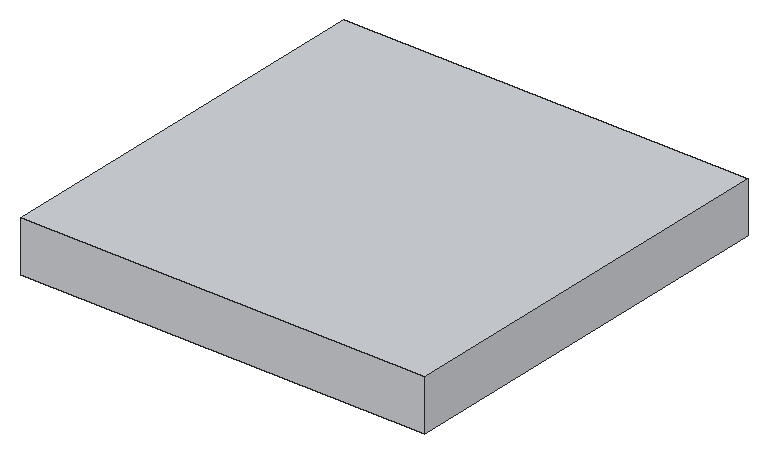
Revit family "CL-Panel", category Generic Models, host Ceiling, Revit 2011
Parameters (values of type "2'x2'")
  Width = 22 3/4"
  URL = "http://www.wengercorp.com/Home/Contact.html"
  Type Comments = "Lay-in"
  Thickness = 2 7/8"
  Part Number = "161F120"
  Manufacturer = "Wengercorperation"
  Keynote = "Wenger Acoustic Ceiling Diffuser Panel"
  Height = 22 3/4"
  Description = "Acoustic Panel"
  2nd Thickness = 2 7/8"
Types (3): name | Width | Height
  (no name) | 22 3/4" | 22 3/4"
  2'x2' | 22 3/4" | 22 3/4"
  4'x4' | 46 3/4" | 46 3/4"
Reference planes (in)
  plane 1 "Center (Front/Back)": y = 0
  plane 2 "Ceiling": z = 96
  plane 3 "Center (Left/Right)": x = 0
  plane 4 "Back": y = -11.375
  plane 5 "Front": y = 11.375
  plane 6 "Right Side": x = 11.375
  plane 7 "Left Side": x = -11.375
  plane 8 "Middle Thickness": z = 93.125
  plane 9 "Bottom Thickness": z = 90.25
  plane 10: x = 4.09375
  plane 11: x = -4.09375
Forms (in)
  Extrusion 1, solid
    sketch origin (0, 0, 96) x (1, 0, 0) y (0, 1, 0)
      loop
        line (-11.375, 11.375) -> (-11.375, -11.375) -> (11.375, -11.375) -> (11.375, 11.375) -> (-11.375, 11.375)
    from 0 to -2.875
  Extrusion 2, solid
    sketch origin (0, 0, 93.125) x (0, -1, 0) y (1, 0, 0)
      loop
        line (-11.375, -11.375) -> (11.375, -11.375) -> (11.375, 11.375) -> (-11.375, 11.375) -> (-11.375, -11.375)
    from 0 to -2.875
  Extrusion 3, void
    sketch origin (0, -11.375, 0) x (-1, 0, 0) y (0, 0, 1)
      loop
        line (11.375, 93.125) -> (4.09375, 90.25) -> (11.375, 90.25) -> (11.375, 93.125)
    from 0 to 22.75 <- "Height"
  Extrusion 4, void
    sketch origin (0.1875, -11.375, 0) x (1, 0, 0) y (0, 0, -1)
      loop
        line (11.1875, -93.125) -> (11.1875, -90.25) -> (3.90625, -90.25) -> (11.1875, -93.125)
    from 0 to 22.75 <- "Height"
  Extrusion 5, void
    sketch origin (11.375, 0, 0) x (0, -1, 0) y (0, 0, 1)
      loop
        arc (11.375, 93.125) -> (5.86635, 90.97988) -> (0, 90.25) r 23.94022
        line (0, 90.25) -> (11.375, 90.25) -> (11.375, 93.125)
    from 0 to 22.75 <- "Width"
  Extrusion 6, void
    sketch origin (11.375, 0, 0) x (0, -1, 0) y (0, 0, 1)
      loop
        line (-11.375, 93.125) -> (-11.375, 90.25) -> (0, 90.25)
        arc (0, 90.25) -> (-5.86635, 90.97988) -> (-11.375, 93.125) r 23.94022
    from 0 to 22.75 <- "Width"
Cuts and joins
  Extrusion 3, Extrusion 4, Extrusion 5, Extrusion 6 cuts Extrusion 1
  Extrusion 3, Extrusion 4, Extrusion 5, Extrusion 6 cuts Extrusion 2
Dimensions and locks (in)
  equal spacing: host sketch curve, plane 3 "Center (Left/Right)", host sketch curve
  equal spacing: host sketch curve, plane 1 "Center (Front/Back)", host sketch curve
  host sketch curve to host sketch curve = 120"  (x2)
  equal spacing: plane 7 "Left Side", plane 3 "Center (Left/Right)", plane 6 "Right Side"
  "Width": plane 7 "Left Side" to plane 6 "Right Side"
  equal spacing: plane 5 "Front", plane 1 "Center (Front/Back)", plane 4 "Back"
  "Height": plane 5 "Front" to plane 4 "Back"
  "Thickness": plane 2 "Ceiling" to plane 8 "Middle Thickness"
  "2nd Thickness": plane 8 "Middle Thickness" to plane 9 "Bottom Thickness"
  locked: plane 7 "Left Side" to plane 11 at 7.28125
  locked: plane 6 "Right Side" to plane 10 at 7.28125
  aligned and locked: plane 6 "Right Side" to Extrusion 1 sketch curve
  aligned and locked: Extrusion 1 sketch curve to plane 5 "Front"
  aligned and locked: Extrusion 1 sketch curve to plane 7 "Left Side"
  aligned and locked: plane 4 "Back" to Extrusion 1 sketch curve
  aligned and locked: Extrusion 2 sketch curve to plane 7 "Left Side"
  aligned and locked: Extrusion 2 sketch curve to plane 5 "Front"
  aligned and locked: plane 6 "Right Side" to Extrusion 2 sketch curve
  aligned and locked: plane 4 "Back" to Extrusion 2 sketch curve
  aligned and locked: plane 9 "Bottom Thickness" to Extrusion 3 sketch curve
  aligned and locked: Extrusion 3 sketch curve to plane 7 "Left Side"
  aligned and locked: plane 6 "Right Side" to Extrusion 4 sketch curve
  aligned and locked: plane 9 "Bottom Thickness" to Extrusion 4 sketch curve
  aligned and locked: Extrusion 5 sketch curve to plane 4 "Back"
  aligned and locked: Extrusion 5 sketch curve to plane 9 "Bottom Thickness"
  aligned and locked: plane 9 "Bottom Thickness" to Extrusion 6 sketch curve
  aligned and locked: Extrusion 6 sketch curve to plane 5 "Front"
Automatic sketch dimensions
  Extrusion 3 sketch curve to plane 11 = 0"
  Extrusion 3 sketch curve to plane 8 "Middle Thickness" = 0"
  Extrusion 4 sketch curve to plane 10 = 0"
  Extrusion 4 sketch curve to plane 8 "Middle Thickness" = 0"
  Extrusion 5 sketch curve to plane 8 "Middle Thickness" = 0"
  Extrusion 5 sketch curve to plane 1 "Center (Front/Back)" = 0"
  Extrusion 6 sketch curve to plane 8 "Middle Thickness" = 0"
  Extrusion 6 sketch curve to plane 1 "Center (Front/Back)" = 0"
